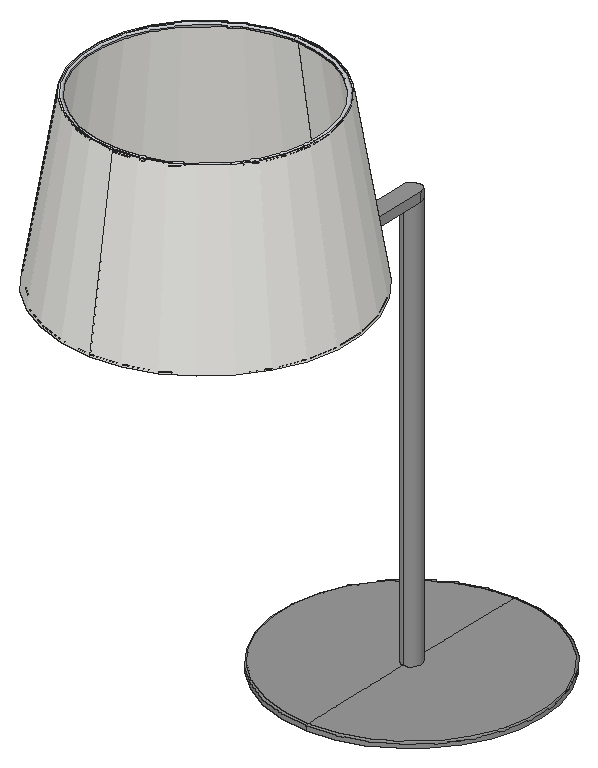
Revit family "Indoor_Table Lamp_Santa&Cole_Americana", category Luminarias, Revit 2018
Family settings
  Cota de conector redondo = Diámetro de uso
  Tipo de pieza = Normal
  Número OmniClass = 23.80.70.00
  Título OmniClass = Lighting
  Se basa en plano de trabajo = No
  Siempre vertical = Sí
  Corte con vacíos al cargar = No
  Origen de luz = Sí
  Compartido = No
  Punto de cálculo de habitación = No
Parameters
  Wattage = 11 W
  Technical Information = "https://www.santacole.com/recursos/productos/downloads/pdf_espec_tecnicas/americana_data%20sheet.pdf"
  built-in parameter 1150110 = 1 (stored number, unit not read)
  URL = "https://www.santacole.com/en/catalogue/table-lamps/americana"
  Manufacturer website = "http://www.santacole.com"
  built-in parameter 1114217 = 1 (stored number, unit not read)
  built-in parameter 1150109 = 1 (stored number, unit not read)
  Energy Label = "https://www.santacole.com/recursos/productos/downloads/pdf_energy_label/Energy%20Label_AMERICANA_without_bulb.pdf"
  Designed by = "Miguel Milá. 1964"
  Contact phone = "+34.938.619.100"
  Contact e-mail = "info@santacole.com"
  built-in parameter 1150134 = (empty or 0)
  built-in parameter 1150113 = 1 (stored number, unit not read)
  Modelo = "Americana"
  Fabricante = "Santa & Cole"
  Lumens = 1633.96 lm
  built-in parameter 1150115 = 1 (stored number, unit not read)
  built-in parameter 1150105 = 130.03 (stored number, unit not read)
  Load = 11 W
  Tamaño de símbolo de origen de luz = 50 mm  # constant formula
  built-in parameter 1150137 = (empty or 0)
  built-in parameter 1150139 = (empty or 0)
  built-in parameter 1150112 = 1 (stored number, unit not read)
  built-in parameter 1150114 = 1 (stored number, unit not read)
  Lamp = ""
  built-in parameter 1150132 = (empty or 0)
  built-in parameter 1150102 = (empty or 0)
  built-in parameter 1150138 = (empty or 0)
  built-in parameter 1150107 = 2700 (stored number, unit not read)
  built-in parameter 1150106 = 1.3003 (stored number, unit not read)
  built-in parameter 1150104 = 13.8 (stored number, unit not read)
  Code = "SAM22+SAMP8"
  Dimming Lamp Color Temperature Shift = (empty or 0)
  Color Filter = 16777215
  built-in parameter 1114218 = 1 (stored number, unit not read)
  Assembly instructions - UL = "https://www.santacole.com/recursos/productos/downloads/pdf_montaje/AMERICANA_sobremesa_im_UL.pdf"
  Assembly instructions - CE = "https://www.santacole.com/recursos/productos/downloads/pdf_montaje/AMERICANA_sobremesa_im.pdf"
  built-in parameter 1150133 = 10 (stored number, unit not read)
  Apparent Load = 11 VA
Reference planes
  plane 1 "Light Source Axis (F/B)": y = 0
  plane 2: z = 0
  plane 3 "Light Source Axis (L/R)": x = 0
  plane 4 "Light Source Elevation": z = 480
Forms (mm)
  Revolve 1, solid, material "Santa & Cole - Nickel"
    sketch origin (0, 0, 0) x (0, 1, 0) y (0, 0, 1)
      loop
        line (8, 364.6) -> (0, 364.6) -> (0, 0) -> (113.5, 0) -> (113.5, 3.4)
        arc (113.5, 3.4) -> (113.149, 4.249) -> (112.3, 4.6) r 1.2
        line (112.3, 4.6) -> (8, 4.6) -> (8, 364.6)
      axis (0, 0) -> (0, 364.6)
    angle from 0 to 360
  Extrusion 2, solid, material "Santa & Cole - Nickel"
    sketch origin (0, 0, 0) x (1, 0, 0) y (0, 1, 0)
      loop
        line (-8, 0) -> (-8, -224)
        arc (-8, -224) -> (0, -232) -> (8, -224) r 8
        line (8, -224) -> (8, 0)
        arc (8, 0) -> (0, 8) -> (-8, 0) r 8
    from 364.6 to 372.6
  Revolve 3, solid, material "Santa & Cole - Nickel"
    sketch origin (0, 0, 0) x (0, 1, 0) y (0, 0, 1)
      loop
        line (-216.5, 395.2) -> (-224, 395.2) -> (-224, 372.6) -> (-216.5, 372.6) -> (-216.5, 395.2)
      axis (-224, 395.2) -> (-224, 372.6)
    angle from 0 to 360
  Revolve 4, solid
    sketch origin (0, 0, 0) x (0, 1, 0) y (0, 0, 1)
      loop
        line (-205, 453.2) -> (-224, 453.2) -> (-224, 395.2) -> (-213.65, 395.2)
        arc (-213.65, 395.2) -> (-208.472, 401.64) -> (-206.65, 409.7) r 18.319
        line (-206.65, 409.7) -> (-205, 410.8) -> (-205, 428.6) -> (-194, 428.6) -> (-194, 429.6) -> (-196.5, 429.6) -> (-196.5, 430.9) -> (-205, 438.233) -> (-205, 453.2)
      axis (-224, 453.2) -> (-224, 395.2)
    angle from 0 to 360
  Sweep 5, solid
    path origin (0, 336, 0) x (1, 0, 0) y (0, 0, 1)
      loop
        line (122.945, 395.456) -> (37.794, 429.352)
        arc (37.794, 429.352) -> (37.159, 429.537) -> (36.5, 429.6) r 3.5
        line (36.5, 429.6) -> (24.5, 429.6)
    profile origin (30.5, 336, 429.6) x (0, 0, -1) y (0, -1, 0)
      loop
        circle (-1.5, 560) r 1.5
  Sweep 6, solid
    path origin (-484.974, -504, 0) x (-0.5, 0.866025, 0) y (0, 0, 1)
      loop
        line (122.945, 395.456) -> (37.794, 429.352)
        arc (37.794, 429.352) -> (37.159, 429.537) -> (36.5, 429.6) r 3.5
        line (36.5, 429.6) -> (24.5, 429.6)
    profile origin (-500.224, -477.586, 429.6) x (0, 0, -1) y (0.866025, 0.5, 0)
      loop
        circle (-1.5, 560) r 1.5
  Sweep 7, solid
    path origin (484.974, -504, 0) x (-0.5, -0.866025, 0) y (0, 0, 1)
      loop
        line (122.945, 395.456) -> (37.794, 429.352)
        arc (37.794, 429.352) -> (37.159, 429.537) -> (36.5, 429.6) r 3.5
        line (36.5, 429.6) -> (24.5, 429.6)
    profile origin (469.724, -530.414, 429.6) x (0, 0, -1) y (-0.866025, 0.5, 0)
      loop
        circle (-1.5, 560) r 1.5
  Revolve 8, solid
    sketch origin (0, 0, 0) x (0, 1, 0) y (0, 0, 1)
      loop
        circle (-347.5, 396.85) r 1.5
      loop
        circle (-322.5, 543.85) r 1.5
      axis (-224, 543.85) -> (-224, 396.85)
    angle from 0 to 360
  Revolve 9, solid, material "Santa & Cole - White Linen"
    sketch origin (0, 0, 0) x (0, 1, 0) y (0, 0, 1)
      loop
        line (-323.745, 545.35) -> (-324.545, 545.35) -> (-350.055, 395.35) -> (-349.255, 395.35) -> (-323.745, 545.35)
      axis (-224, 545.35) -> (-224, 395.35)
    angle from 0 to 360
Lines and regions (mm)
  model lines, style "Predeterminado", not visible
    curve 1: line (0, -3.75, 375) -> (0, 3.75, 375)
    curve 2: line (0, 3.75, 375) -> (0, -3.75, 375)
    curve 3: line (0, 15, 86.75) -> (0, -15, 86.75)
    curve 4: line (0, -10, 65) -> (0, -15, 82.176)
    curve 5: line (0, -10, 25) -> (0, -10, 65)
    curve 6: line (0, 6.344, 17.27) -> (0, 10, 25)
    curve 7: line (0, -1.951, 15.192) -> (0, 6.344, 17.27)
    curve 8: line (0, -10, 25) -> (0, -1.951, 15.192)
    curve 9: line (0, 10, 25) -> (0, 10, 65)
    curve 10: line (0, 15, 82.176) -> (0, 10, 65)
    curve 11: line (0, 15, 86.75) -> (0, -15, 86.75)
Dimensions and locks
  aligned and locked: plane 3 "Light Source Axis (L/R)" to imposter light
  aligned and locked: plane 4 "Light Source Elevation" to imposter light
  aligned and locked: level to plane 2
